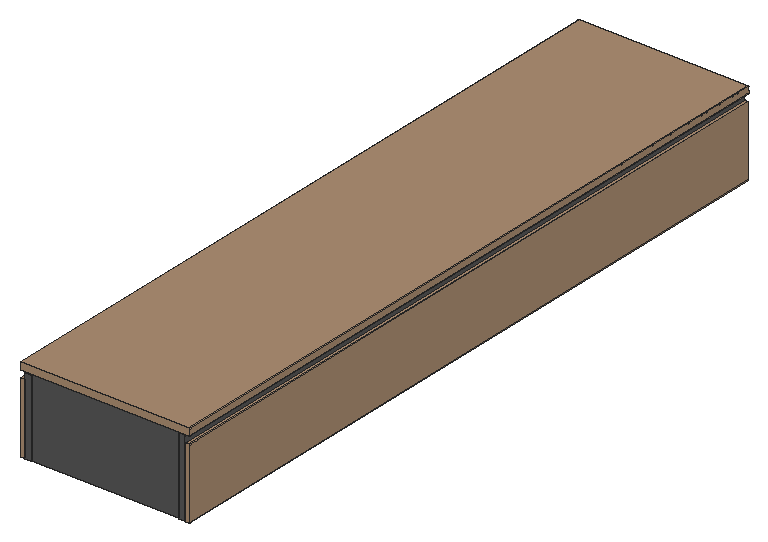
Revit family "Sanitary_Compound-Units_hansgrohe_54285XXX-Xilesa-E-Tall-cabinet_400-200_hinge-left", category Furniture, host Face, Revit 2022
Family settings
  Host = Face
  OmniClass Number = 23.21.19.15.33.13
  OmniClass Title = Residential Bathroom Specialty Casework
  Cut with Voids When Loaded = No
  Render Appearance Source = Family Geometry
  Shared = No
  Room Calculation Point = No
Parameters (values of type "550 Cashmere Oak")
  Version = 1  # constant formula
  URL = "https://www.hansgrohe.com/"
  Product data url = "https://www.bimobject.com/en/hansgrohe/product/54285XXX"
  Product Page URL = "https://www.hansgrohe.com/articledetail--54285550"
  Model = "54285XXX"  # constant formula
  Material 3 = Hansgrohe - Metal - Black
  Material 2 = Hansgrohe - MDF - Matt Black
  Material 1 = Hansgrohe - MDF - 550 Cashmere Oak (vertical)
  Manufacturer = "Hansgrohe"  # constant formula
  Height = 0 mm
  Description = "Xilesa E Tall cabinet 400/200, door hinge left"  # constant formula
  Default Elevation = 0 mm
  Date Updated = ""
  Date Created = "2024/02/03"  # constant formula
Types (5, lengths in mm): name | Material 1
  (no name) | Hansgrohe - MDF - 550 Cashmere Oak (vertical)
  550 Cashmere Oak | Hansgrohe - MDF - 550 Cashmere Oak (vertical)
  700 Matt White | Hansgrohe - MDF - 700 Matt White
  760 Slate Matt Grey | Hansgrohe - MDF - 760 Slate Matt Grey
  780 Sand Matt Beige | Hansgrohe - MDF - 780 Sand Matt Beige
Reference planes
  plane 1 "Center (Front/Back)": y = 0
  plane 2: z = 0
  plane 3 "Center (Left/Right)": x = 0
  plane 4: x = -200
  plane 5: x = 200
  plane 6: y = -1650
  plane 7: z = 200
Dimensions and locks
  aligned and locked: plane 2 to host face
  aligned and locked: level to host face
Nested families
  nested 1: "54285XXX" at (0, -1650, 0) x (1, 0, 0) z (0, 1, 0), Material 1 <- "Material 1", Material 2 <- "Material 2", Material 3 <- "Material 3", type "54285XXX"
    with Material 3 Hansgrohe - Metal - Black, Material 2 Hansgrohe - MDF - Matt Black, Material 1 Hansgrohe - MDF - 550 Cashmere Oak (vertical)
Definition of nested family "54285XXX"
  Parameters (values of type "54285XXX")
    Version = 1  # constant formula
    URL = "https://www.hansgrohe.com/"
    Product data url = "https://www.bimobject.com/en/hansgrohe/product/54285XXX"
    Product Page URL = "https://www.hansgrohe.com/articledetail--54285550"
    Model = "54285XXX"  # constant formula
    Material 3 [instance] = none
    Material 2 [instance] = none
    Material 1 [instance] = none
    Manufacturer = "Hansgrohe"  # constant formula
    Description = "Xilesa E Tall cabinet 400/200, door hinge left"  # constant formula
    Default Elevation = 1219.2 mm
    Date Updated = ""
    Date Created = "2024/12/16"  # constant formula
  Types (3): name
    (no name)
    780 Sand Matt Beige
    54285XXX
  Reference planes
    plane 1 "Center (Front/Back)": y = 0
    plane 2: z = 0
    plane 3 "Center (Left/Right)": x = 0
  Forms (mm)
    Extrusion 1, solid, material <- "Material 1", detail levels medium+fine
      sketch origin (0, 0, 0) x (1, 0, 0) y (0, 1, 0)
        loop
          line (-190.6, 0) -> (-199.2, 0)
          arc (-199.2, 0) -> (-199.766, -0.234) -> (-200, -0.8) r 0.8
          line (-200, -0.8) -> (-200, -165.9)
          arc (-200, -165.9) -> (-199.766, -166.466) -> (-199.2, -166.7) r 0.8
          line (-199.2, -166.7) -> (-190.6, -166.7)
          arc (-190.6, -166.7) -> (-190.034, -166.466) -> (-189.8, -165.9) r 0.8
          line (-189.8, -165.9) -> (-189.8, -0.8)
          arc (-189.8, -0.8) -> (-190.034, -0.234) -> (-190.6, 0) r 0.8
        loop
          arc (190.6, 0) -> (190.034, -0.234) -> (189.8, -0.8) r 0.8
          line (189.8, -0.8) -> (189.8, -165.9)
          arc (189.8, -165.9) -> (190.034, -166.466) -> (190.6, -166.7) r 0.8
          line (190.6, -166.7) -> (199.2, -166.7)
          arc (199.2, -166.7) -> (199.766, -166.466) -> (200, -165.9) r 0.8
          line (200, -165.9) -> (200, -0.8)
          arc (200, -0.8) -> (199.766, -0.234) -> (199.2, 0) r 0.8
          line (199.2, 0) -> (190.6, 0)
      from 0 to 1650
    Extrusion 2, solid, material <- "Material 1", detail levels medium+fine
      sketch origin (0, 0, 0) x (1, 0, 0) y (0, 1, 0)
        loop
          line (-199.2, -200) -> (199.2, -200)
          arc (199.2, -200) -> (199.766, -199.766) -> (200, -199.2) r 0.8
          line (200, -199.2) -> (200, -184.5)
          arc (200, -184.5) -> (199.766, -183.934) -> (199.2, -183.7) r 0.8
          line (199.2, -183.7) -> (-199.2, -183.7)
          arc (-199.2, -183.7) -> (-199.766, -183.934) -> (-200, -184.5) r 0.8
          line (-200, -184.5) -> (-200, -199.2)
          arc (-200, -199.2) -> (-199.766, -199.766) -> (-199.2, -200) r 0.8
      from 0 to 1650
    Extrusion 3, solid, material <- "Material 2", detail levels medium+fine
      sketch origin (0, 0, 0) x (1, 0, 0) y (0, 1, 0)
        loop
          line (-189.8, -0.8) -> (-189.8, -180.9)
          arc (-189.8, -180.9) -> (-189.566, -181.466) -> (-189, -181.7) r 0.8
          line (-189, -181.7) -> (-174.6, -181.7)
          arc (-174.6, -181.7) -> (-174.034, -181.466) -> (-173.8, -180.9) r 0.8
          line (-173.8, -180.9) -> (-173.8, -0.8)
          arc (-173.8, -0.8) -> (-174.034, -0.234) -> (-174.6, 0) r 0.8
          line (-174.6, 0) -> (-189, 0)
          arc (-189, 0) -> (-189.566, -0.234) -> (-189.8, -0.8) r 0.8
        loop
          arc (189.8, -0.8) -> (189.566, -0.234) -> (189, 0) r 0.8
          line (189, 0) -> (174.6, 0)
          arc (174.6, 0) -> (174.034, -0.234) -> (173.8, -0.8) r 0.8
          line (173.8, -0.8) -> (173.8, -180.9)
          arc (173.8, -180.9) -> (174.034, -181.466) -> (174.6, -181.7) r 0.8
          line (174.6, -181.7) -> (189, -181.7)
          arc (189, -181.7) -> (189.566, -181.466) -> (189.8, -180.9) r 0.8
          line (189.8, -180.9) -> (189.8, -0.8)
      from 0 to 1650
    Extrusion 4, solid, material <- "Material 2", detail levels fine
      sketch origin (0, 0, 0) x (1, 0, 0) y (0, 1, 0)
        loop
          line (-173.8, -17) -> (-173.8, -20) -> (173.8, -20) -> (173.8, -17) -> (-173.8, -17)
      from 17 to 1637.136
    Extrusion 5, solid, material <- "Material 2", detail levels fine
      sketch origin (0, 0, 0) x (1, 0, 0) y (0, 1, 0)
        loop
          line (-173.8, -1) -> (-173.8, -183.7) -> (173.8, -183.7) -> (173.8, -1) -> (-173.8, -1)
      from 0 to 17
    Extrusion 6, solid, material <- "Material 1", detail levels coarse
      sketch origin (0, 0, 0) x (1, 0, 0) y (0, 1, 0)
        loop
          line (-200, 0) -> (-200, -200) -> (200, -200) -> (200, 0) -> (-200, 0)
      from 0 to 1650
    Extrusion 7, solid, material <- "Material 3", detail levels fine
      sketch origin (-30, 38, 314) x (1, 0, 0) y (0, 0, 1)
        loop
          line (-119.8, 482) -> (-119.8, 540)
          arc (-119.8, 540) -> (-120.972, 542.829) -> (-123.8, 544) r 4
          line (-123.8, 544) -> (-138.8, 544)
          arc (-138.8, 544) -> (-141.628, 542.829) -> (-142.8, 540) r 4
          line (-142.8, 540) -> (-142.8, 482)
          arc (-142.8, 482) -> (-141.628, 479.172) -> (-138.8, 478) r 4
          line (-138.8, 478) -> (-123.8, 478)
          arc (-123.8, 478) -> (-120.972, 479.172) -> (-119.8, 482) r 4
      from 218.9 to 221.7
    Extrusion 8, solid, material <- "Material 3", detail levels fine
      sketch origin (-30, 38, 314) x (0, 1, 0) y (0, 0, 1)
        loop
          line (-149.706, 520.501) -> (-172.206, 520.501)
          arc (-172.206, 520.501) -> (-175.035, 521.672) -> (-176.206, 524.501) r 4
          line (-176.206, 524.501) -> (-176.206, 532.501)
          arc (-176.206, 532.501) -> (-176.938, 534.268) -> (-178.706, 535.001) r 2.5
          line (-178.706, 535.001) -> (-188.706, 535.001)
          arc (-188.706, 535.001) -> (-190.474, 534.268) -> (-191.206, 532.501) r 2.5
          line (-191.206, 532.501) -> (-191.206, 524.501)
          arc (-191.206, 524.501) -> (-192.378, 521.672) -> (-195.206, 520.501) r 4
          line (-195.206, 520.501) -> (-206.544, 520.501) -> (-206.544, 501.501) -> (-195.206, 501.501)
          arc (-195.206, 501.501) -> (-192.378, 500.329) -> (-191.206, 497.501) r 4
          line (-191.206, 497.501) -> (-191.206, 489.501)
          arc (-191.206, 489.501) -> (-190.474, 487.733) -> (-188.706, 487.001) r 2.5
          line (-188.706, 487.001) -> (-178.706, 487.001)
          arc (-178.706, 487.001) -> (-176.938, 487.733) -> (-176.206, 489.501) r 2.5
          line (-176.206, 489.501) -> (-176.206, 497.501)
          arc (-176.206, 497.501) -> (-175.035, 500.329) -> (-172.206, 501.501) r 4
          line (-172.206, 501.501) -> (-149.706, 501.501)
          arc (-149.706, 501.501) -> (-147.938, 502.233) -> (-147.206, 504.001) r 2.5
          line (-147.206, 504.001) -> (-147.206, 518.001)
          arc (-147.206, 518.001) -> (-147.938, 519.768) -> (-149.706, 520.501) r 2.5
      from -143.8 to -140.45
    Extrusion 9, solid, material <- "Material 3", detail levels fine
      sketch origin (-30, 38, 314) x (1, 0, 0) y (0, 1, 0)
        loop
          line (-126.45, -219.2) -> (-130.658, -160.187) -> (-133.066, -160.422) -> (-138.299, -155.486) -> (-138.299, -147.206) -> (-140.45, -147.206) -> (-140.45, -219.2) -> (-126.45, -219.2)
      from 504.25 to 517.75
    Extrusion 10, solid, material <- "Material 3", detail levels fine
      sketch origin (-30, 38, -426.001) x (1, 0, 0) y (0, 0, 1)
        loop
          line (-119.8, 482) -> (-119.8, 540)
          arc (-119.8, 540) -> (-120.972, 542.829) -> (-123.8, 544) r 4
          line (-123.8, 544) -> (-138.8, 544)
          arc (-138.8, 544) -> (-141.628, 542.829) -> (-142.8, 540) r 4
          line (-142.8, 540) -> (-142.8, 482)
          arc (-142.8, 482) -> (-141.628, 479.172) -> (-138.8, 478) r 4
          line (-138.8, 478) -> (-123.8, 478)
          arc (-123.8, 478) -> (-120.972, 479.172) -> (-119.8, 482) r 4
      from 218.9 to 221.7
    Extrusion 11, solid, material <- "Material 3", detail levels fine
      sketch origin (-30, 38, -426.001) x (0, 1, 0) y (0, 0, 1)
        loop
          line (-149.706, 520.501) -> (-172.206, 520.501)
          arc (-172.206, 520.501) -> (-175.035, 521.672) -> (-176.206, 524.501) r 4
          line (-176.206, 524.501) -> (-176.206, 532.501)
          arc (-176.206, 532.501) -> (-176.938, 534.268) -> (-178.706, 535.001) r 2.5
          line (-178.706, 535.001) -> (-188.706, 535.001)
          arc (-188.706, 535.001) -> (-190.474, 534.268) -> (-191.206, 532.501) r 2.5
          line (-191.206, 532.501) -> (-191.206, 524.501)
          arc (-191.206, 524.501) -> (-192.378, 521.672) -> (-195.206, 520.501) r 4
          line (-195.206, 520.501) -> (-206.544, 520.501) -> (-206.544, 501.501) -> (-195.206, 501.501)
          arc (-195.206, 501.501) -> (-192.378, 500.329) -> (-191.206, 497.501) r 4
          line (-191.206, 497.501) -> (-191.206, 489.501)
          arc (-191.206, 489.501) -> (-190.474, 487.733) -> (-188.706, 487.001) r 2.5
          line (-188.706, 487.001) -> (-178.706, 487.001)
          arc (-178.706, 487.001) -> (-176.938, 487.733) -> (-176.206, 489.501) r 2.5
          line (-176.206, 489.501) -> (-176.206, 497.501)
          arc (-176.206, 497.501) -> (-175.035, 500.329) -> (-172.206, 501.501) r 4
          line (-172.206, 501.501) -> (-149.706, 501.501)
          arc (-149.706, 501.501) -> (-147.938, 502.233) -> (-147.206, 504.001) r 2.5
          line (-147.206, 504.001) -> (-147.206, 518.001)
          arc (-147.206, 518.001) -> (-147.938, 519.768) -> (-149.706, 520.501) r 2.5
      from -143.8 to -140.45
    Extrusion 12, solid, material <- "Material 3", detail levels fine
      sketch origin (-30, 38, -426.001) x (1, 0, 0) y (0, 1, 0)
        loop
          line (-126.45, -219.2) -> (-130.658, -160.187) -> (-133.066, -160.422) -> (-138.299, -155.486) -> (-138.299, -147.206) -> (-140.45, -147.206) -> (-140.45, -219.2) -> (-126.45, -219.2)
      from 504.25 to 517.75
    Extrusion 13, solid, material <- "Material 2", detail levels medium+fine
      sketch origin (0, 0, 585) x (0, 1, 0) y (0, 0, 1)
        loop
          line (-180.2, 1048) -> (-2, 1048)
          arc (-2, 1048) -> (-1.293, 1048.293) -> (-1, 1049) r 1
          line (-1, 1049) -> (-1, 1063)
          arc (-1, 1063) -> (-1.293, 1063.707) -> (-2, 1064) r 1
          line (-2, 1064) -> (-180.2, 1064)
          arc (-180.2, 1064) -> (-180.907, 1063.707) -> (-181.2, 1063) r 1
          line (-181.2, 1063) -> (-181.2, 1049)
          arc (-181.2, 1049) -> (-180.907, 1048.293) -> (-180.2, 1048) r 1
      from -173.8 to 173.8
    Extrusion 14, solid, material <- "Material 3", detail levels fine
      sketch origin (-30, 38, 1054) x (1, 0, 0) y (0, 0, 1)
        loop
          line (-119.8, 482) -> (-119.8, 540)
          arc (-119.8, 540) -> (-120.972, 542.829) -> (-123.8, 544) r 4
          line (-123.8, 544) -> (-138.8, 544)
          arc (-138.8, 544) -> (-141.628, 542.829) -> (-142.8, 540) r 4
          line (-142.8, 540) -> (-142.8, 482)
          arc (-142.8, 482) -> (-141.628, 479.172) -> (-138.8, 478) r 4
          line (-138.8, 478) -> (-123.8, 478)
          arc (-123.8, 478) -> (-120.972, 479.172) -> (-119.8, 482) r 4
      from 218.9 to 221.7
    Extrusion 15, solid, material <- "Material 3", detail levels fine
      sketch origin (-30, 38, 1054) x (0, 1, 0) y (0, 0, 1)
        loop
          line (-149.706, 520.501) -> (-172.206, 520.501)
          arc (-172.206, 520.501) -> (-175.035, 521.672) -> (-176.206, 524.501) r 4
          line (-176.206, 524.501) -> (-176.206, 532.501)
          arc (-176.206, 532.501) -> (-176.938, 534.268) -> (-178.706, 535.001) r 2.5
          line (-178.706, 535.001) -> (-188.706, 535.001)
          arc (-188.706, 535.001) -> (-190.474, 534.268) -> (-191.206, 532.501) r 2.5
          line (-191.206, 532.501) -> (-191.206, 524.501)
          arc (-191.206, 524.501) -> (-192.378, 521.672) -> (-195.206, 520.501) r 4
          line (-195.206, 520.501) -> (-206.544, 520.501) -> (-206.544, 501.501) -> (-195.206, 501.501)
          arc (-195.206, 501.501) -> (-192.378, 500.329) -> (-191.206, 497.501) r 4
          line (-191.206, 497.501) -> (-191.206, 489.501)
          arc (-191.206, 489.501) -> (-190.474, 487.733) -> (-188.706, 487.001) r 2.5
          line (-188.706, 487.001) -> (-178.706, 487.001)
          arc (-178.706, 487.001) -> (-176.938, 487.733) -> (-176.206, 489.501) r 2.5
          line (-176.206, 489.501) -> (-176.206, 497.501)
          arc (-176.206, 497.501) -> (-175.035, 500.329) -> (-172.206, 501.501) r 4
          line (-172.206, 501.501) -> (-149.706, 501.501)
          arc (-149.706, 501.501) -> (-147.938, 502.233) -> (-147.206, 504.001) r 2.5
          line (-147.206, 504.001) -> (-147.206, 518.001)
          arc (-147.206, 518.001) -> (-147.938, 519.768) -> (-149.706, 520.501) r 2.5
      from -143.8 to -140.45
    Extrusion 16, solid, material <- "Material 3", detail levels fine
      sketch origin (-30, 38, 1054) x (1, 0, 0) y (0, 1, 0)
        loop
          line (-126.45, -219.2) -> (-130.658, -160.187) -> (-133.066, -160.422) -> (-138.299, -155.486) -> (-138.299, -147.206) -> (-140.45, -147.206) -> (-140.45, -219.2) -> (-126.45, -219.2)
      from 504.25 to 517.75
  Lines and regions (mm)
    Masking region 1
      outline origin (0, 0, 0) x (1, 0, 0) y (0, 0, 1)
        loop
          line (-199, 0) -> (0, 0) -> (199, 0)
          arc (199, 0) -> (199.707, 0.293) -> (200, 1) r 1
          line (200, 1) -> (200, 1649)
          arc (200, 1649) -> (199.707, 1649.707) -> (199, 1650) r 1
          line (199, 1650) -> (-199, 1650)
          arc (-199, 1650) -> (-199.707, 1649.707) -> (-200, 1649) r 1
          line (-200, 1649) -> (-200, 1)
          arc (-200, 1) -> (-199.707, 0.293) -> (-199, 0) r 1
    Masking region 2
      outline origin (0, 0, 0) x (0, 1, 0) y (0, 0, 1)
        loop
          line (-1, 1650) -> (-180.7, 1650)
          arc (-180.7, 1650) -> (-181.407, 1649.707) -> (-181.7, 1649) r 1
          line (-181.7, 1649) -> (-181.7, 1634.125) -> (-183.7, 1634.3) -> (-183.7, 1649)
          arc (-183.7, 1649) -> (-183.993, 1649.707) -> (-184.7, 1650) r 1
          line (-184.7, 1650) -> (-199, 1650)
          arc (-199, 1650) -> (-199.707, 1649.707) -> (-200, 1649) r 1
          line (-200, 1649) -> (-200, 1)
          arc (-200, 1) -> (-199.707, 0.293) -> (-199, 0) r 1
          line (-199, 0) -> (-184.7, 0)
          arc (-184.7, 0) -> (-183.993, 0.293) -> (-183.7, 1) r 1
          line (-183.7, 1) -> (-183.7, 15.692) -> (-181.7, 15.867) -> (-181.7, 1)
          arc (-181.7, 1) -> (-181.407, 0.293) -> (-180.7, 0) r 1
          line (-180.7, 0) -> (-1, 0)
          arc (-1, 0) -> (-0.293, 0.293) -> (0, 1) r 1
          line (0, 1) -> (0, 1649)
          arc (0, 1649) -> (-0.293, 1649.707) -> (-1, 1650) r 1
    Masking region 3
      outline origin (0, 0, 0) x (1, 0, 0) y (0, 1, 0)
        loop
          arc (200, -1) -> (199.707, -0.293) -> (199, 0) r 1
          line (199, 0) -> (174.8, 0)
          arc (174.8, 0) -> (174.093, -0.293) -> (173.8, -1) r 1
          line (173.8, -1) -> (0, -1) -> (-173.8, -1)
          arc (-173.8, -1) -> (-174.093, -0.293) -> (-174.8, 0) r 1
          line (-174.8, 0) -> (-199, 0)
          arc (-199, 0) -> (-199.707, -0.293) -> (-200, -1) r 1
          line (-200, -1) -> (-200, -165.7)
          arc (-200, -165.7) -> (-199.707, -166.407) -> (-199, -166.7) r 1
          line (-199, -166.7) -> (-189.8, -166.7) -> (-189.8, -180.7)
          arc (-189.8, -180.7) -> (-189.507, -181.407) -> (-188.8, -181.7) r 1
          line (-188.8, -181.7) -> (-173, -181.7) -> (-173, -183.7) -> (-199, -183.7)
          arc (-199, -183.7) -> (-199.707, -183.993) -> (-200, -184.7) r 1
          line (-200, -184.7) -> (-200, -199)
          arc (-200, -199) -> (-199.707, -199.707) -> (-199, -200) r 1
          line (-199, -200) -> (0, -200) -> (199, -200)
          arc (199, -200) -> (199.707, -199.707) -> (200, -199) r 1
          line (200, -199) -> (200, -184.7)
          arc (200, -184.7) -> (199.707, -183.993) -> (199, -183.7) r 1
          line (199, -183.7) -> (173, -183.7) -> (173, -181.7) -> (188.8, -181.7)
          arc (188.8, -181.7) -> (189.507, -181.407) -> (189.8, -180.7) r 1
          line (189.8, -180.7) -> (189.8, -166.7) -> (199, -166.7)
          arc (199, -166.7) -> (199.707, -166.407) -> (200, -165.7) r 1
          line (200, -165.7) -> (200, -1)
    symbolic lines, detail levels medium+fine
      curve 1: line (0, -183.7, 1634.164) -> (0, -183.7, 15.692)
      curve 2: line (0, -181.7, 15.867) -> (0, -181.7, 1648.852)
      curve 5: line (0, -183.7, 1625.732) -> (0, -181.7, 1625.907)
      curve 6: line (0, -183.7, 24.317) -> (0, -181.7, 24.107)
      curve 7: line (-189.8, -166.7, 0) -> (-189.8, 0, 0)
      curve 9: line (-173, -183.7, 0) -> (0, -183.7, 0)
      curve 10: line (-173, -181.7, 0) -> (173, -181.7, 0)
      curve 12: line (189.8, -166.7, 0) -> (189.8, 0, 0)
      curve 14: line (173, -183.7, 0) -> (0, -183.7, 0)
    symbolic lines, detail levels fine
      curve 3: line (0, -166.7, 1649) -> (0, -166.7, 0)
      curve 4: arc (0, -165.7, 1650) -> (0, -166.407, 1649.707) -> (0, -166.7, 1649) r 1
      curve 8: line (-173.8, -1, 0) -> (-173.8, -181.7, 0)
      curve 11: line (-150, -183.7, 0) -> (-150, -181.7, 0)
      curve 13: line (173.8, -1, 0) -> (173.8, -181.7, 0)
      curve 15: line (150, -183.7, 0) -> (150, -181.7, 0)
  Dimensions and locks
    aligned and locked: level to plane 2
